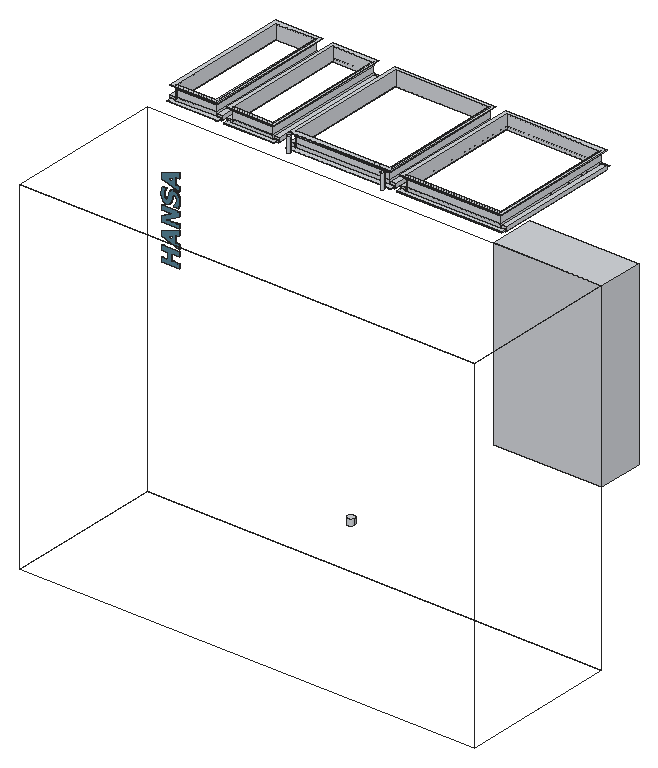
Revit family "KL-P-023-G-L", category HLS-Bauteile, Revit 2020
Family settings
  Bemaßung runder Anschluss = Durchmesser verwenden
  Klassifizierung = Keine
  Teiletyp = Normal
  Arbeitsebenenbasiert = Nein
  Immer vertikal = Ja
  Beim Laden mit Abzugskörper schneiden = Nein
  Gemeinsam genutzt = Nein
  Raumberechnungspunkt = Nein
Parameters
  Zuluftbreite [instance] = 520 mm  # constant formula
  Vorgabe-Ansicht = 0 mm
  TyS [instance] = size_lookup("TyS_Hansa_KL_P", "", "ND", RLT_Serie, Gehaeuserichtung, Gehaeuseausfuehrung, RLT_MSR_KZ)  # "KL-P-023-G-L-eCS"
  Schaltschrankbreite [instance] = 600 mm
  Schaltschrank_montiert [instance] = yes
  SSaG [instance] = and(or(Regelung SAIA, Regelung OJ), Schaltschrank_montiert)  # yes
  Regelung SAIA [instance] = yes
  Regelung OJ [instance] = no
  RLT_Volumenstrom_max = 2300 m³/h  # constant formula
  RLT_Volumenstrom_Unit_2 [instance] = 2300 m³/h
  RLT_Volumenstrom_Unit_1 [instance] = 2300 m³/h
  RLT_Typenschlüssel [instance] = TyS  # "KL-P-023-G-L-eCS"
  RLT_Serie = "KL-P-023"  # constant formula
  RLT_Material_außen [instance] = Stahlblech verzinkt + RAL 9002
  RLT_MSR_KZ [instance] = if(Regelung SAIA, "eCS", if(Regelung OJ, "eCO", "-"))  # "eCS"
  RLT_Länge [instance] = L  # 1920 mm
  RLT_Höhe = H  # 1790 mm
  RLT_Gewicht [instance] = size_lookup("TD_Hansa_KL_P", "Gewicht", 0 mm, TyS) / 1 mm * 1.00 kg  # 666.00 kg
  RLT_Breite = B  # 880 mm
  Modell = "KL-P-023-G-L"  # constant formula
  L2 = 1260 mm  # constant formula
  L1 = 660 mm  # constant formula
  L = L1 + L2  # 1920 mm
  Kanaltiefe [instance] = RLT_Breite - 190 mm  # 690 mm
  Hersteller = "Hansa"  # constant formula
  H = 1790 mm  # constant formula
  GeräteOK [instance] = H + Fuß  # 1910 mm
  Gehaeuserichtung [instance] = "L"  # constant formula
  Gehaeuseausfuehrung [instance] = "geteilt"  # constant formula
  GD_Spannung [instance] = 230 V
  GD_Phasen [instance] = 1
  GD_Nennstrom [instance] = 0 A
  GD_Anschlussleistung [instance] = 0 W
  Fuß [instance] = 120 mm  # constant formula
  Fortluftbreite = 220 mm  # constant formula
  Bedienzone [instance] = yes
  Baugruppe [instance] = "RLT-Gerät"  # constant formula
  BZl [instance] = if(and(or(Regelung SAIA, Regelung OJ), Schaltschrank_montiert), L + Schaltschrankbreite, L)  # 2520 mm
  B = 880 mm  # constant formula
  Außenluftbreite = 220 mm  # constant formula
  Abluftbreite [instance] = 520 mm  # constant formula
Reference planes
  plane 1 "Mitte (Vorne/hinten)": y = 0
  plane 2: z = 0
  plane 3 "Mitte (Links/rechts)": x = 0
  plane 4: x = -960
  plane 5: x = 960
  plane 6 "GV": y = -440
  plane 7 "GH": y = 440
  plane 8 "OKG": z = 1910
  plane 9: y = 377.5
  plane 10: y = -312.5
  plane 11: x = -897.5
  plane 12: x = 897.5
  plane 13: x = -677.5
  plane 14: x = -582.5
  plane 15: x = -362.5
  plane 16: x = 377.5
  plane 17: x = 282.5
  plane 18: x = -237.5
  plane 19: z = 1990
  plane 20 "UKG": z = 120
  plane 21: y = -190
  plane 22: y = -230
  plane 23: z = 90
  plane 24: y = -364
  plane 25: x = -300
  plane 26: y = -1320
  plane 27: x = 1560
Forms (mm)
  Extrusion 1, solid, visible <- "SSaG"
    sketch origin (-61.559, 0, -70) x (1, 0, 0) y (0, 0, 1)
      loop
        line (1021.559, 1980) -> (1021.559, 980) -> (1621.559, 980) -> (1621.559, 1980) -> (1021.559, 1980)
    from 440 to 190
  Extrusion 2, solid
    sketch origin (0, 0, 0) x (1, 0, 0) y (0, 1, 0)
      loop
        circle (0, -230) r 20
    from 120 to 90
  Extrusion 3, solid
    sketch origin (0, 0, 0) x (1, 0, 0) y (0, 1, 0)
      loop
        circle (-237.5, -364) r 10
      loop
        circle (282.5, -364) r 10
    from 1990 to 1910
  Extrusion 4, solid, material "Glas - klar", visible <- "Bedienzone"
    sketch origin (0, 0, 0) x (1, 0, 0) y (0, 1, 0)
      loop
        line (-960, -440) -> (-960, -1320) -> (1560, -1320) -> (1560, -440) -> (-960, -440)
    from 1910 to 0
Dimensions and locks
  equal spacing: plane 4, plane 3 "Mitte (Links/rechts)", plane 5
  "L": plane 4 to plane 5
  "B": plane 7 "GH" to plane 6 "GV"
  locked: plane 7 "GH" to plane 9 at 62.5
  locked: plane 4 to plane 11 at 62.5
  locked: plane 12 to plane 5 at 62.5
  "Fortluftbreite": plane 11 to plane 13
  locked: plane 13 to plane 14 at 95
  "Außenluftbreite": plane 14 to plane 15
  "Abluftbreite": plane 16 to plane 12
  locked: plane 17 to plane 16 at 95
  "Zuluftbreite": plane 18 to plane 17
  plane 15 to plane 18 = 125 mm
  locked: nested 3 to plane 16 at 95
  "Fuß": plane 20 "UKG" to level
  plane 19 to plane 8 "OKG" = 80 mm
  locked: plane 4 to nested 1 at 62.5
  locked: plane 13 to nested 2 at 95
  locked: nested 4 to plane 5 at 62.5
  Extrusion 1 to plane 5 = 600 mm
  "RLT_Höhe": plane 8 "OKG" to plane 20 "UKG"
  equal spacing: plane 7 "GH", plane 1 "Mitte (Vorne/hinten)", plane 6 "GV"
  locked: plane 6 "GV" to plane 21 at 250
  locked: plane 6 "GV" to plane 22 at 210
  plane 20 "UKG" to plane 23 = 30 mm
  locked: plane 24 to plane 6 "GV" at 76
  "L1": plane 4 to plane 25
  "B": plane 26 to plane 6 "GV"
  "BZl": Extrusion 4 to Extrusion 4
  "Schaltschrankbreite": plane 5 to plane 27
  aligned and locked: level to plane 2
  aligned and locked: Extrusion 1 to plane 5
  aligned and locked: Extrusion 1 to plane 8 "OKG"
  aligned and locked: plane 6 "GV" to Extrusion 1
  aligned and locked: plane 21 to Extrusion 1
  aligned and locked: plane 20 "UKG" to Extrusion 2
  aligned and locked: Extrusion 2 to plane 23
  aligned and locked: Extrusion 3 to plane 8 "OKG"
  aligned and locked: plane 19 to Extrusion 3
  aligned and locked: plane 4 to Extrusion 4
  aligned and locked: Extrusion 4 to plane 6 "GV"
  aligned and locked: Extrusion 4 to plane 26
  aligned and locked: plane 8 "OKG" to Extrusion 4
  aligned and locked: plane 27 to Extrusion 1
  aligned and locked: plane 7 "GH" to nested 6
  aligned and locked: plane 4 to nested 6
Automatic sketch dimensions
  Extrusion 1 sketch curve to plane 5 = 0 mm
  Extrusion 1 sketch curve to plane 8 "OKG" = 0 mm
  plane 5 to Extrusion 1 sketch curve = 600 mm
  plane 20 "UKG" to Extrusion 1 sketch curve = 790 mm
  Extrusion 2 sketch curve to plane 3 "Mitte (Links/rechts)" = 0 mm
  Extrusion 2 sketch curve to plane 22 = 0 mm
  Extrusion 3 sketch curve to plane 18 = 0 mm
  Extrusion 3 sketch curve to plane 17 = 0 mm
  Extrusion 3 sketch curve to plane 24 = 0 mm  (x2)
  Extrusion 4 sketch curve to plane 4 = 0 mm
  plane 5 to Extrusion 4 sketch curve = 600 mm
  Extrusion 4 sketch curve to plane 26 = 0 mm
  plane 6 "GV" to Extrusion 4 sketch curve = 0 mm
  radius of Extrusion 2 sketch curve = 20 mm
  radius of Extrusion 3 sketch curve = 10 mm  (x2)
Nested families
  nested 1: "Kanalstutzen" at (-787.5, 29.209, 1910) x (1, 0, 0) z (0, -1, 0), 2570_EST_Breite <- "Fortluftbreite", 2571_EST_Höhe <- "Kanaltiefe", built-in parameter 1001360 <- "GeräteOK", type "Kanalstutzen"
    with Tiefe 80 mm, RahmenG2 20 mm, RahmenG1 30 mm, Höhe 690 mm, Breite 220 mm, 2572_EST_Tiefe 80 mm, 2571_EST_Höhe 690 mm, 2570_EST_Breite 220 mm, 1966_EST_Rahmentyp ""
  nested 2: "Kanalstutzen" at (-472.5, 29.209, 1910) x (1, 0, 0) z (0, -1, 0), 2570_EST_Breite <- "Außenluftbreite", 2571_EST_Höhe <- "Kanaltiefe", built-in parameter 1001360 <- "GeräteOK", type "Kanalstutzen"
    with Tiefe 80 mm, RahmenG2 20 mm, RahmenG1 30 mm, Höhe 690 mm, Breite 220 mm, 2572_EST_Tiefe 80 mm, 2571_EST_Höhe 690 mm, 2570_EST_Breite 220 mm, 1966_EST_Rahmentyp ""
  nested 3: "Kanalstutzen" at (22.5, 29.209, 1910) x (1, 0, 0) z (0, -1, 0), 2570_EST_Breite <- "Zuluftbreite", 2571_EST_Höhe <- "Kanaltiefe", built-in parameter 1001360 <- "GeräteOK", type "Kanalstutzen"
    with Tiefe 80 mm, RahmenG2 20 mm, RahmenG1 30 mm, Höhe 690 mm, Breite 520 mm, 2572_EST_Tiefe 80 mm, 2571_EST_Höhe 690 mm, 2570_EST_Breite 520 mm, 1966_EST_Rahmentyp ""
  nested 4: "Kanalstutzen" at (637.5, 29.209, 1910) x (1, 0, 0) z (0, -1, 0), 2570_EST_Breite <- "Abluftbreite", 2571_EST_Höhe <- "Kanaltiefe", built-in parameter 1001360 <- "GeräteOK", type "Kanalstutzen"
    with Tiefe 80 mm, RahmenG2 20 mm, RahmenG1 30 mm, Höhe 690 mm, Breite 520 mm, 2572_EST_Tiefe 80 mm, 2571_EST_Höhe 690 mm, 2570_EST_Breite 520 mm, 1966_EST_Rahmentyp ""
  nested 5: "Hansa_Aufkleber_klein" at (-780, -440, 1390) x (0, 0, 1) z (0, -1, 0), type "Hansa_Aufkleber_klein"
  nested 6: "P-023-G-L_ipt" at (0, 0, 0), type "Norm"
Connectors
  hvac at (-787.5, 29.209, 1989), driven by "RLT_Volumenstrom_Unit_2", driven by "Fortluftbreite", driven by "Kanaltiefe"
    settings: on nested 1, index 1, duct flow 2300 m³/h, flow factor 0, pres drop 0.0 Pa, loss coef 0, conn angle 0.00°, conn width 220 mm, conn height 690 mm, conn diameter 609.6 mm, duct sys type 3, conn prof type 1, flow config 1, flow direction 2, loss method 0, conn ref index -1, conn util no, is conn primary yes, conn desc ""
  hvac at (-472.5, 29.209, 1989), driven by "RLT_Volumenstrom_Unit_1", driven by "Außenluftbreite", driven by "Kanaltiefe"
    settings: on nested 2, index 2, duct flow 2300 m³/h, flow factor 0, pres drop 0.0 Pa, loss coef 0, conn angle 0.00°, conn width 220 mm, conn height 690 mm, conn diameter 609.6 mm, duct sys type 1, conn prof type 1, flow config 1, flow direction 1, loss method 0, conn ref index -1, conn util no, is conn primary no, conn desc ""
  hvac at (22.5, 29.209, 1989), driven by "RLT_Volumenstrom_Unit_1", driven by "Zuluftbreite", driven by "Kanaltiefe"
    settings: on nested 3, index 3, duct flow 2300 m³/h, flow factor 0, pres drop 0.0 Pa, loss coef 0, conn angle 0.00°, conn width 520 mm, conn height 690 mm, conn diameter 609.6 mm, duct sys type 1, conn prof type 1, flow config 0, flow direction 2, loss method 0, conn ref index -1, conn util no, is conn primary no, conn desc ""
  hvac at (637.5, 29.209, 1989), driven by "RLT_Volumenstrom_Unit_2", driven by "Abluftbreite", driven by "Kanaltiefe"
    settings: on nested 4, index 4, duct flow 2300 m³/h, flow factor 0, pres drop 0.0 Pa, loss coef 0, conn angle 0.00°, conn width 520 mm, conn height 690 mm, conn diameter 609.6 mm, duct sys type 2, conn prof type 1, flow config 0, flow direction 1, loss method 0, conn ref index -1, conn util no, is conn primary no, conn desc ""
  piping at (0, -230, 90), diameter 40
    settings: on Extrusion 2, index 5, connector inside diameter 609.6 mm, connector length 0 mm, flow factor 0, pipe flow 0.0 L/s, pressure drop 0.0 Pa, fitting loss kfactor 0, connector angle 0.00°, fixture units 0, engagement length 0 mm, angle of deflection 0.00°, flow configuration 0, flow direction 2, fitting loss method 0, system type 16, joint type 0, gender type 0, connector reference index -1, connector utility 0, adjustable connector no, is connector primary yes, connector description ""
  piping at (-237.5, -364, 1990), diameter 20
    settings: on Extrusion 3, index 6, connector inside diameter 609.6 mm, connector length 0 mm, flow factor 0, pipe flow 0.0 L/s, pressure drop 0.0 Pa, fitting loss kfactor 0, connector angle 0.00°, fixture units 0, engagement length 0 mm, angle of deflection 0.00°, flow configuration 0, flow direction 1, fitting loss method 0, system type 7, joint type 0, gender type 0, connector reference index -1, connector utility 0, adjustable connector no, is connector primary no, connector description ""
  piping at (282.5, -364, 1990), diameter 20
    settings: on Extrusion 3, index 7, connector inside diameter 609.6 mm, connector length 0 mm, flow factor 0, pipe flow 0.0 L/s, pressure drop 0.0 Pa, fitting loss kfactor 0, connector angle 0.00°, fixture units 0, engagement length 0 mm, angle of deflection 0.00°, flow configuration 0, flow direction 2, fitting loss method 0, system type 19, joint type 0, gender type 0, connector reference index -1, connector utility 0, adjustable connector no, is connector primary no, connector description ""
Definition of nested family "Kanalstutzen"
  Parameters (values of type "Kanalstutzen")
    Default Elevation = 0 mm
    Tiefe [instance] = [2572_EST_Tiefe]  # 80 mm
    RahmenG2 [instance] = 20 mm
    RahmenG1 [instance] = 30 mm
    Höhe [instance] = [2571_EST_Höhe]  # 500 mm
    Manufacturer = "Hansa"
    Breite [instance] = [2570_EST_Breite]  # 1000 mm
    Description = "Durchbruchsverkleidung"
    2572_EST_Tiefe [instance] = 80 mm
    2571_EST_Höhe [instance] = 500 mm
    2570_EST_Breite [instance] = 1000 mm
    1966_EST_Rahmentyp [instance] = ""
  Reference planes
    plane 1 "Mitte (Vorne/hinten)": y = 0
    plane 2: z = 0
    plane 3 "Mitte (Links/rechts)": x = 0
    plane 4: x = -500
    plane 5: x = 500
    plane 6 "hinten": y = 80
    plane 7: z = 250
    plane 8: z = -250
    plane 9 "R1links": x = -530
    plane 10 "R1rechts": x = 530
    plane 11 "R2links": x = -520
    plane 12 "R2rechts": x = 520
    plane 13 "R1oben": z = 280
    plane 14 "R1unten": z = -280
    plane 15: z = -270
    plane 16: z = 270
  Forms (mm)
    Sweep 1, solid
      path origin (0, 0, 0) x (1, 0, 0) y (0, 0, 1)
        loop
          line (-500, 250) -> (-500, -250) -> (500, -250) -> (500, 250) -> (-500, 250)
      profile origin (0, 0, 250) x (0, 0, 1) y (0, -1, 0)
        loop
          line (0, -40) -> (0, -80) -> (20, -80) -> (20, -79) -> (1.999, -79) -> (1.999, -59) -> (0.962, -59) -> (0.962, -21.406) -> (1.999, -21.406) -> (1.999, -1.406) -> (30, -1.406) -> (30, 0) -> (0, 0) -> (0, -40)
  Dimensions and locks
    equal spacing: plane 4, plane 3 "Mitte (Links/rechts)", plane 5
    "Breite": plane 4 to plane 5
    equal spacing: plane 7, level, plane 8
    "Höhe": plane 7 to plane 8
    "RahmenG1": plane 9 "R1links" to plane 4
    "RahmenG1": plane 5 to plane 10 "R1rechts"
    "RahmenG2": plane 11 "R2links" to plane 4
    "RahmenG2": plane 5 to plane 12 "R2rechts"
    "RahmenG1": plane 13 "R1oben" to plane 7
    "RahmenG1": plane 8 to plane 14 "R1unten"
    "RahmenG2": plane 16 to plane 7
    "RahmenG2": plane 8 to plane 15
    Sweep 1 sketch curve to Sweep 1 sketch curve = 1.406 mm
    Sweep 1 sketch curve to Sweep 1 sketch curve = 1 mm
    Sweep 1 sketch curve to Sweep 1 sketch curve = 0.962 mm
    "2572_EST_Tiefe": plane 6 "hinten" to plane 1 "Mitte (Vorne/hinten)"
    aligned and locked: level to plane 2
    aligned and locked: plane 16 to Sweep 1 sketch curve
    aligned and locked: plane 13 "R1oben" to Sweep 1 sketch curve
    aligned and locked: plane 1 "Mitte (Vorne/hinten)" to Sweep 1
    aligned and locked: plane 1 "Mitte (Vorne/hinten)" to nested 1
    aligned and locked: nested 1 to plane 10 "R1rechts"
    aligned and locked: nested 2 to plane 9 "R1links"
    aligned and locked: plane 8 to nested 2
    aligned and locked: nested 1 to plane 8
  Automatic sketch dimensions
    plane 4 to Sweep 1 sketch curve = 0 mm
    plane 5 to Sweep 1 sketch curve = 0 mm
    Sweep 1 sketch curve to plane 8 = 0 mm
    Sweep 1 sketch curve to plane 7 = 0 mm
    Sweep 1 sketch curve to plane 1 "Mitte (Vorne/hinten)" = 0 mm
    profile plane to Sweep 1 sketch curve = 0 mm
    Sweep 1 sketch curve to profile plane = 1.999 mm  (x2)
    Sweep 1 sketch curve to Sweep 1 sketch curve = 20 mm  (x2)
    Sweep 1 sketch curve to Sweep 1 sketch curve = 18.594 mm
    Sweep 1 sketch curve to Sweep 1 sketch curve = 19 mm
  Nested families
    nested 1: "EGJK30" at (520, 0, -250), L <- "Höhe", type "EGJK30"
      with L 500 mm
    nested 2: "EGJK30" at (-520, 0, -250) x (-1, 0, 0) z (0, 0, 1), L <- "Höhe", type "EGJK30"
      with L 500 mm
  Definition of nested family "EGJK30"
    Parameters (values of type "EGJK30")
      Default Elevation = 0 mm
      L [instance] = 1000 mm
    Reference planes
      plane 1 "Mitte (Vorne/hinten)": y = 0
      plane 2: z = 0
      plane 3 "Mitte (Links/rechts)": x = 0
    Forms (mm)
      Extrusion 1, solid
        sketch origin (16.67, -35.46, 0) x (1, 0, 0) y (0, 1, 0)
          loop
            line (-26.67, 25.46) -> (-6.67, 25.46) -> (-6.67, 30.46) -> (-1.67, 30.46) -> (-1.67, 50.46) -> (-34.67, 50.46) -> (-34.67, 38.46) -> (-5.67, 38.46) -> (-5.67, 35.46) -> (-25.67, 35.46) -> (-25.67, 36.96) -> (-34.67, 36.96) -> (-34.67, 33.96) -> (-26.67, 25.46)
        from 0 to 1000
    Dimensions and locks
      "L": Extrusion 1 to Extrusion 1
      aligned and locked: level to plane 2
    Automatic sketch dimensions
      plane 1 "Mitte (Vorne/hinten)" to Extrusion 1 sketch curve = 0 mm
      Extrusion 1 sketch curve to plane 3 "Mitte (Links/rechts)" = 18 mm
      plane 1 "Mitte (Vorne/hinten)" to Extrusion 1 sketch curve = 1.5 mm
      Extrusion 1 sketch curve to Extrusion 1 sketch curve = 0 mm
      Extrusion 1 sketch curve to plane 3 "Mitte (Links/rechts)" = 10 mm
      Extrusion 1 sketch curve to plane 3 "Mitte (Links/rechts)" = 9 mm
      plane 1 "Mitte (Vorne/hinten)" to Extrusion 1 sketch curve = 5 mm
      plane 3 "Mitte (Links/rechts)" to Extrusion 1 sketch curve = 10 mm
      Extrusion 1 sketch curve to Extrusion 1 sketch curve = 1 mm
      Extrusion 1 sketch curve to Extrusion 1 sketch curve = 5 mm
      plane 1 "Mitte (Vorne/hinten)" to Extrusion 1 sketch curve = 10 mm
      Extrusion 1 sketch curve to plane 1 "Mitte (Vorne/hinten)" = 1.5 mm
      Extrusion 1 sketch curve to Extrusion 1 sketch curve = 1.5 mm
      Extrusion 1 sketch curve to Extrusion 1 sketch curve = 12 mm
Definition of nested family "Hansa_Aufkleber_klein"
  Parameters (values of type "Hansa_Aufkleber_klein")
    Default Elevation = 1219.2 mm
  Reference planes
    plane 1 "Mitte (Vorne/hinten)": y = 0
    plane 2: z = 0
    plane 3 "Mitte (Links/rechts)": x = 0
  Forms (mm)
    Extrusion 1, solid, detail levels medium+fine
      sketch origin (6.994, -10.767, 0) x (1, 0, 0) y (0, 1, 0)
        loop
          line (-226.694, 10.767) -> (-201.573, 10.767) -> (-201.573, 55.095) -> (-167.456, 55.095) -> (-167.456, 10.767) -> (-142.335, 10.767) -> (-142.335, 110.767) -> (-167.456, 110.767) -> (-167.456, 74.138) -> (-201.573, 74.138) -> (-201.573, 110.767) -> (-226.694, 110.767) -> (-226.694, 10.767)
        loop
          line (202.074, 82.404) -> (191.782, 49.341) -> (212.284, 49.341) -> (202.074, 82.404)
        loop
          line (188.703, 110.767) -> (154.91, 10.767) -> (180.032, 10.767) -> (186.353, 31.189) -> (217.795, 31.189) -> (224.035, 10.767) -> (249.886, 10.767) -> (216.093, 110.767) -> (188.703, 110.767)
        loop
          line (34.084, 10.767) -> (58.233, 10.767) -> (58.233, 110.767) -> (35.299, 110.767) -> (35.299, 53.474) -> (3.37, 110.767) -> (-27.424, 110.767) -> (-27.424, 10.767) -> (-4.49, 10.767) -> (-4.49, 80.459) -> (34.084, 10.767)
        loop
          line (-85.203, 82.404) -> (-95.495, 49.341) -> (-74.993, 49.341) -> (-85.203, 82.404)
        loop
          line (-98.575, 110.767) -> (-132.367, 10.767) -> (-107.245, 10.767) -> (-100.925, 31.189) -> (-69.482, 31.189) -> (-63.242, 10.767) -> (-37.391, 10.767) -> (-71.184, 110.767) -> (-98.575, 110.767)
        loop
          line (73.143, 16.683) -> (80.903, 13.695) -> (89.27, 11.213) -> (93.783, 10.238) -> (98.65, 9.542) -> (103.872, 9.124) -> (109.448, 8.984) -> (114.303, 9.126) -> (118.902, 9.552) -> (123.243, 10.261) -> (127.327, 11.253) -> (131.154, 12.53) -> (134.724, 14.09) -> (138.037, 15.933) -> (141.093, 18.061) -> (143.838, 20.421) -> (146.216, 22.963) -> (148.229, 25.688) -> (149.876, 28.595) -> (151.156, 31.685) -> (152.071, 34.957) -> (152.62, 38.411) -> (152.803, 42.048) -> (152.724, 44.578) -> (152.487, 46.981) -> (152.091, 49.257) -> (151.537, 51.407) -> (150.825, 53.431) -> (149.954, 55.328) -> (148.925, 57.098) -> (147.738, 58.741) -> (144.874, 61.745) -> (141.346, 64.434) -> (137.155, 66.81) -> (132.301, 68.871) -> (127.124, 70.542) -> (122.293, 71.829) -> (112.609, 74.057) -> (109.035, 74.977) -> (106.095, 75.952) -> (103.788, 76.982) -> (102.114, 78.069) -> (100.927, 79.287) -> (100.078, 80.713) -> (99.569, 82.346) -> (99.4, 84.187) -> (99.506, 85.453) -> (99.825, 86.659) -> (100.357, 87.803) -> (101.101, 88.887) -> (102.965, 90.731) -> (105.153, 92.048) -> (107.99, 93.142) -> (110.664, 93.83) -> (113.439, 94.195) -> (116.579, 94.317) -> (120.768, 94.112) -> (124.906, 93.496) -> (128.993, 92.471) -> (133.03, 91.035) -> (136.889, 89.3) -> (140.445, 87.378) -> (143.697, 85.268) -> (146.644, 82.971) -> (148.832, 82.971) -> (148.832, 105.824) -> (145.231, 107.285) -> (141.397, 108.589) -> (137.33, 109.737) -> (133.03, 110.727) -> (128.608, 111.524) -> (124.177, 112.094) -> (119.735, 112.436) -> (115.283, 112.55) -> (110.919, 112.414) -> (106.741, 112.006) -> (102.749, 111.325) -> (98.944, 110.372) -> (95.324, 109.147) -> (91.891, 107.65) -> (88.644, 105.88) -> (85.583, 103.839) -> (82.8, 101.578) -> (80.389, 99.151) -> (78.348, 96.559) -> (76.679, 93.8) -> (75.38, 90.876) -> (74.453, 87.786) -> (73.896, 84.53) -> (73.711, 81.108) -> (74.025, 76.136) -> (74.967, 71.596) -> (76.537, 67.486) -> (78.735, 63.806) -> (80.094, 62.119) -> (81.657, 60.522) -> (83.426, 59.014) -> (85.4, 57.597) -> (87.58, 56.269) -> (89.964, 55.031) -> (92.553, 53.884) -> (95.348, 52.826) -> (100.625, 51.195) -> (106.247, 49.868) -> (111.869, 48.642) -> (117.147, 47.315) -> (119.104, 46.707) -> (120.925, 45.937) -> (122.609, 45.006) -> (124.156, 43.912) -> (125.451, 42.645) -> (126.375, 41.197) -> (126.929, 39.566) -> (127.114, 37.753) -> (127, 36.17) -> (126.658, 34.744) -> (126.089, 33.475) -> (125.291, 32.364) -> (123.275, 30.53) -> (120.874, 29.163) -> (118.413, 28.312) -> (115.242, 27.704) -> (112.052, 27.339) -> (109.529, 27.218) -> (105.242, 27.433) -> (100.889, 28.079) -> (96.47, 29.155) -> (91.985, 30.662) -> (87.561, 32.569) -> (83.324, 34.845) -> (79.274, 37.492) -> (75.413, 40.508) -> (73.143, 40.508) -> (73.143, 16.683)
      from 0 to 2
  Dimensions and locks
    aligned and locked: level to plane 2
Definition of nested family "P-023-G-L_ipt"
  Parameters (values of type "Norm")
    Default Elevation = 0 mm
  Reference planes
    plane 1 "Mitte (Vorne/Hinten)": y = 0
    plane 2: z = 0
    plane 3 "Mitte (Links/Rechts)": x = 0
  Dimensions and locks
    aligned and locked: level to plane 2
